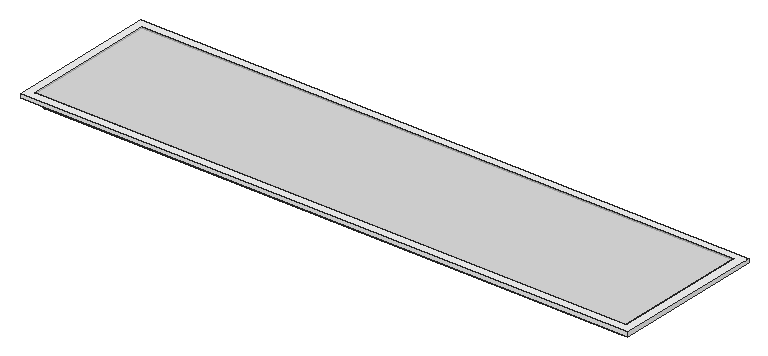
Revit family "0044631", category Lighting Fixtures, host Face, Revit 2023
Family settings
  Host = Face
  Round Connector Dimension = Use Diameter
  Part Type = Normal
  OmniClass Number = 23.80.70.00
  OmniClass Title = Lighting
  Cut with Voids When Loaded = No
  Light Source = Yes
  Maintain Annotation Orientation = No
  Shared = No
  Room Calculation Point = No
Parameters (values of type "START PANEL UGR19 1200X300 DALI 3800 840")
  Weight = "1.971"
  Wattage Comments = ""
  Wattage = 29 W
  WarrantyStartDate [instance] = "n/a"
  WarrantyGuarantorParts = "n/a"
  WarrantyDurationUnit = "Years"
  WarrantyDurationParts = "5"
  WarrantyDescription = "http://www.sylvania-group.com"
  built-in parameter 1150110 = 1 (stored number, unit not read)
  Voltage = 230 V
  URL = "http://www.sylvania-group.com"
  TypeName = "START Panel IP40 UGR19 1200x300"
  Type Image = <None>
  Type IFC Predefined Type = "IfcLightFixtureType"
  Type Comments = "n/a"
  built-in parameter 1114217 = 1 (stored number, unit not read)
  Tilt Angle = -90.00°
  built-in parameter 1150109 = 1 (stored number, unit not read)
  built-in parameter 1150134 = 12
  built-in parameter 1150113 = 1 (stored number, unit not read)
  SerialNumber [instance] = "n/a"
  Photometric Web File = "0044631.IES"
  Material_3_SYL = none
  PowerFactor = 0.9
  PowerConsumption = "29 W"
  NominalLength = 1195 mm
  NominalHeight = 26 mm
  NominalDepth = 295 mm
  Name = "START PANEL UGR19 1200X300 DALI 3800 840"
  ModelReference = Name  # "START PANEL UGR19 1200X300 DALI 3800 840"
  ModelNumber = "0044631"
  Model = Name  # "START PANEL UGR19 1200X300 DALI 3800 840"
  Material = "Steel"
  ManufacturerName = Manufacturer  # "Feilo Sylvania"
  Manufacturer = "Feilo Sylvania"
  LuminousEfficacy = "131 lm/W"
  built-in parameter 1150105 = 302.31 (stored number, unit not read)
  Lumens = 3799 lm
  LuminaireType = "Ceiling recessed mounting,Suspended"
  built-in parameter 1150115 = 1 (stored number, unit not read)
  LightOutputRatio = ""
  built-in parameter 1150137 = (empty or 0)
  built-in parameter 1150139 = (empty or 0)
  LampsType = Lamp  # "LED"
  LampNominalLuminous = "3800"
  LampMacAdamStep = "3"
  LampColourTemperature = "4000 K"
  LampColourRenderingIndex = "80"
  built-in parameter 1150112 = 1 (stored number, unit not read)
  built-in parameter 1150114 = 1 (stored number, unit not read)
  Lamp = "LED"
  Keynote = "16500"
  InstallationDate [instance] = "n/a"
  InputVoltage = "220-240 V"
  InputNominalFrequency = "50/60Hz"
  built-in parameter 1150132 = (empty or 0)
  built-in parameter 1150102 = (empty or 0)
  built-in parameter 1150107 = 4000 (stored number, unit not read)
  built-in parameter 1150138 = (empty or 0)
  IngressProtection = "IP40/20"
  ImpactProtectionIndex = "IK03"
  built-in parameter 1150106 = 3.0231 (stored number, unit not read)
  IfcExportType = "IfcLightFixtureType"
  IfcExportAs = "IfcLightFixtureType"
  Export Type to IFC As = "IfcLightFixtureType"
  Emit from Rectangle Width = 264 mm  # constant formula
  Emit from Rectangle Length = 1163 mm  # constant formula
  Emit Shape Visible in Rendering = no
  EmergencyLight = no
  ElectricShockClassification = "Class II"
  built-in parameter 1150104 = 12.17 (stored number, unit not read)
  DocumentationLiterature = "https://www.sylvania-lighting.com/product/en-int/products/item code/0044631/"
  DimmingControlOptions = "DALI-2"
  Material_2_SYL = Polystyrene_4000K
  Dimming Lamp Color Temperature Shift = <None>
  Description = "LED Panel with backlit technology, ideal for general indoor lighting applications such as breakout areas, offices and meeting rooms. Extruded aluminium frame, passive cooling. Low glaring UGR<19. RG0, 90 degree beam angle , optical system: PS diffuser with Prismatic finish. Light color temperature: 4000K Neutral White, total system power: 29W , total fixture output: 3800lm, efficacy: 131 lm/W, Ra80 typical, LED chromacity: 3 step MacAdam ellipse (SDCM3), lifespan: 100,000 hours at 70% of the original output (L70B50), IR/UV free light source without heat radiation, operating voltage: 220-240V / 50-60Hz, low flicker, DALI dimmable driver, electrical protection: Class II. Degree of Protection: IP40/IP20, suitable for indoor environment only. Nominal size: 1195x295mm, Loop in / loop out wiring, saftey cables & quick connector included, 26mm nominal height, White color frame, weight: 1,97Kg."
  Default Elevation = 1219.2 mm
  CreatedOn = "11/10/2024"
  CreatedBy = "petra.pavlicz@sylvania-lighting.com"
  Cost = 0
  Color Filter = 16777215
  built-in parameter 1114216 [instance] = (empty or 0)
  ClassificationValue = "EF_70_80"
  ClassificationName = "Uniclass2015"
  Material_1_SYL = Steel_RAL9003_White
  BarCode [instance] = "n/a"
  built-in parameter 1114218 = 1 (stored number, unit not read)
  built-in parameter 1150133 = 10 (stored number, unit not read)
  AssetType = "Fixed"
  AssetIdentifier [instance] = "n/a"
  Assembly Code = "D5020200"
  Material_4_SYL = none
  Apparent Load = 32.2 VA
Reference planes
  plane 1 "Center (Front/Back)": y = 0
  plane 2: z = 0
  plane 3 "Center (Left/Right)": x = 0
  plane 4 "Back": y = 147.5
  plane 5 "Front": y = -147.5
  plane 6 "Left": x = -597.5
  plane 7 "Right": x = 597.5
  plane 8 "Top": z = 7.921
  plane 9 "Bottom": z = -18.079
  plane 10: z = 0.921
  plane 11: x = -581.541
  plane 12: x = 581.459
  plane 13: x = -566.541
  plane 14: x = 566.459
  plane 15: x = -573.541
  plane 16: x = 573.459
  plane 17: y = 131.5
  plane 18: y = -132.5
Forms (mm)
  Extrusion 1, solid, material "Steel_RAL9003_White" <- "Material_1_SYL", detail levels medium+fine
    sketch origin (-0.041, 0, -0.079) x (1, 0, 0) y (0, 1, 0)
      loop
        line (-597.459, 147.5) -> (-597.459, -147.5) -> (597.541, -147.5) -> (597.541, 147.5) -> (-597.459, 147.5)
    from 0 to 8
  Extrusion 2, void
    sketch origin (-0.041, 0, -0.079) x (1, 0, 0) y (0, 1, 0)
      loop
        line (-581.5, 131.5) -> (-581.5, -132.5) -> (581.5, -132.5) -> (581.5, 131.5) -> (-581.5, 131.5)
    from 8 to 6.494
  Extrusion 3, solid, material "Polystyrene_4000K" <- "Material_2_SYL", detail levels medium+fine
    sketch origin (-0.041, 0, -0.079) x (1, 0, 0) y (0, 1, 0)
      loop
        line (-581.5, 131.5) -> (-581.5, -132.5) -> (581.5, -132.5) -> (581.5, 131.5) -> (-581.5, 131.5)
    from 8 to 6.494
  Blend 4, solid, material "Steel_RAL9003_White" <- "Material_1_SYL", detail levels medium+fine
    base sketch origin (-0.041, 0, -0.079) x (1, 0, 0) y (0, 1, 0)
      loop
        line (-581.5, 116.5) -> (-581.5, -117.5)
        arc (-581.5, -117.5) -> (-577.107, -128.107) -> (-566.5, -132.5) r 15
        line (-566.5, -132.5) -> (566.5, -132.5)
        arc (566.5, -132.5) -> (577.107, -128.107) -> (581.5, -117.5) r 15
        line (581.5, -117.5) -> (581.5, 116.5)
        arc (581.5, 116.5) -> (577.107, 127.107) -> (566.5, 131.5) r 15
        line (566.5, 131.5) -> (-566.5, 131.5)
        arc (-566.5, 131.5) -> (-577.107, 127.107) -> (-581.5, 116.5) r 15
    top sketch origin (-0.041, 0, -0.079) x (1, 0, 0) y (0, 1, 0)
      loop
        line (-573.5, 116.5) -> (-573.5, -117.5)
        arc (-573.5, -117.5) -> (-571.45, -122.45) -> (-566.5, -124.5) r 7
        line (-566.5, -124.5) -> (566.5, -124.5)
        arc (566.5, -124.5) -> (571.45, -122.45) -> (573.5, -117.5) r 7
        line (573.5, -117.5) -> (573.5, 116.5)
        arc (573.5, 116.5) -> (571.45, 121.45) -> (566.5, 123.5) r 7
        line (566.5, 123.5) -> (-566.5, 123.5)
        arc (-566.5, 123.5) -> (-571.45, 121.45) -> (-573.5, 116.5) r 7
    from 0 to -18
  Extrusion 5, void
    sketch origin (-0.041, 0, -0.079) x (1, 0, 0) y (0, 1, 0)
      loop
        line (-581.5, 131.5) -> (-581.5, -132.5) -> (581.5, -132.5) -> (581.5, 131.5) -> (-581.5, 131.5)
    from 8 to 6.494
  Extrusion 6, solid, material "Steel_RAL9003_White" <- "Material_1_SYL", detail levels coarse
    sketch origin (0, 0, 0) x (1, 0, 0) y (0, 1, 0)
      loop
        line (-597.5, 147.5) -> (-597.5, -147.5) -> (597.5, -147.5) -> (597.5, 147.5) -> (-597.5, 147.5)
    from -18.079 to 7.921
Cuts and joins
  Extrusion 5 cuts Extrusion 1
Dimensions and locks
  "NominalDepth": plane 4 "Back" to plane 5 "Front"
  equal spacing: plane 4 "Back", plane 1 "Center (Front/Back)", plane 5 "Front"
  "NominalLength": plane 6 "Left" to plane 7 "Right"
  equal spacing: plane 6 "Left", plane 3 "Center (Left/Right)", plane 7 "Right"
  "NominalHeight": plane 8 "Top" to plane 9 "Bottom"
  locked: plane 17 to plane 18 at 264
  locked: plane 11 to plane 12 at 1163
  aligned and locked: plane 2 to host face
  aligned and locked: level to host face
  aligned and locked: Extrusion 3 to Extrusion 2  (x4)
  aligned and locked: plane 4 "Back" to Extrusion 1
  aligned and locked: Extrusion 1 to plane 5 "Front"
  aligned and locked: Extrusion 1 to plane 6 "Left"
  aligned and locked: plane 7 "Right" to Extrusion 1
  aligned and locked: plane 9 "Bottom" to Blend 4
  aligned and locked: Extrusion 1 to plane 8 "Top"
  aligned and locked: Extrusion 6 sketch curve to plane 4 "Back"
  aligned and locked: plane 5 "Front" to Extrusion 6 sketch curve
  aligned and locked: Extrusion 6 sketch curve to plane 7 "Right"
  aligned and locked: plane 6 "Left" to Extrusion 6 sketch curve
  aligned and locked: Extrusion 6 to plane 9 "Bottom"
  aligned and locked: Extrusion 6 to plane 8 "Top"
  aligned and locked: plane 8 "Top" to imposter light
  aligned and locked: plane 17 to cut or joined group of Extrusion 1, Extrusion 5
  aligned and locked: cut or joined group of Extrusion 1, Extrusion 5 to plane 11
  aligned and locked: plane 15 to Blend 4
  aligned and locked: plane 12 to cut or joined group of Extrusion 1, Extrusion 5
  aligned and locked: Blend 4 to plane 16
  aligned and locked: cut or joined group of Extrusion 1, Extrusion 5 to plane 18
Automatic sketch dimensions
  host sketch curve to host sketch curve = 2438.4 mm  (x2)
  Extrusion 1 sketch curve to plane 5 "Front" = 0 mm
  Extrusion 1 sketch curve to plane 6 "Left" = 0 mm
  Extrusion 1 sketch curve to plane 7 "Right" = 0 mm
  Extrusion 1 sketch curve to plane 4 "Back" = 0 mm
  Extrusion 2 sketch curve to plane 11 = 0 mm
  Extrusion 2 sketch curve to plane 12 = 0 mm
  Extrusion 2 sketch curve to plane 18 = 0 mm
  Extrusion 2 sketch curve to plane 17 = 0 mm
  Extrusion 3 sketch curve to plane 11 = 0 mm
  Extrusion 3 sketch curve to plane 12 = 0 mm
  Extrusion 3 sketch curve to plane 18 = 0 mm
  Extrusion 3 sketch curve to plane 17 = 0 mm
  Blend 4 sketch curve to plane 11 = 0 mm
  Blend 4 sketch curve to plane 13 = 0 mm  (x4)
  Blend 4 sketch curve to plane 14 = 0 mm  (x4)
  Blend 4 sketch curve to plane 12 = 0 mm
  Blend 4 sketch curve to plane 18 = 0 mm
  Blend 4 sketch curve to plane 17 = 0 mm
  Blend 4 sketch curve to plane 15 = 0 mm
  Blend 4 sketch curve to plane 16 = 0 mm
  plane 18 to Blend 4 sketch curve = 8 mm
  Blend 4 sketch curve to plane 17 = 15 mm
  Extrusion 5 sketch curve to plane 11 = 0 mm
  Extrusion 5 sketch curve to plane 12 = 0 mm
  Extrusion 5 sketch curve to plane 18 = 0 mm
  Extrusion 5 sketch curve to plane 17 = 0 mm
Connectors
  electrical at (0, 0, -18.079), driven by "Apparent Load", driven by "PowerFactor", driven by "Voltage"
    settings: index 1, voltage 230 V, apparent load 32.2 VA, apparent load phase1 0 VA, apparent load phase2 0 VA, apparent load phase3 0 VA, power factor 0.9, load classification "Lighting", number of poles 1, system type 30, power factor state 1, is connector primary yes, connector utility no, sub classification motor no, connector description ""
